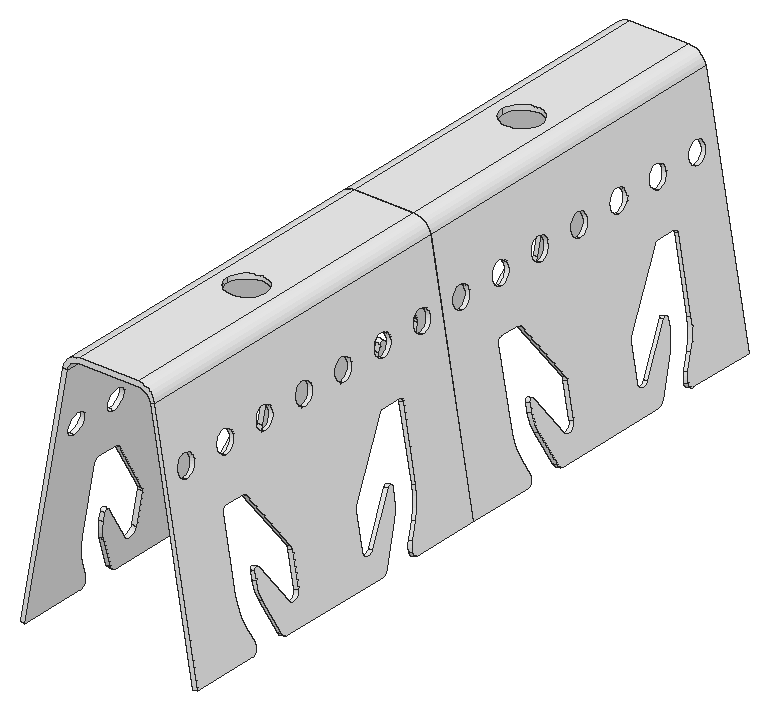
Revit family "HeartFelt-Linear-Carrier1-M70_HunterDouglasEurope", category Specialty Equipment, Revit 2016
Family settings
  Part Type = Normal
  Round Connector Dimension = Use Diameter
  OmniClass Number = 23.35.70.24.11.11.11
  OmniClass Title = Suspended Ceilings, Suspension Assembly
  Work Plane-Based = No
  Always vertical = No
  Cut with Voids When Loaded = No
  Shared = No
  Room Calculation Point = No
Parameters (values of type "HeartFelt AL Carrier1 M70_Transparent Coated")
  URL = "http://www.hunterdouglasarchitectural.eu/en-GB/ceilings/textile/heartfelt/index.jsp"
  Thickness = 0.95 mm
  System Weight (Panel1 40x55) = "4.1 kg/m²"  # constant formula
  System Openness = "43%"  # constant formula
  System Joint Width = "30mm"  # constant formula
  Substrate = "Aluminum"  # constant formula
  Subcategory = "HeartFelt® Ceilings"  # constant formula
  Product Line = "HeartFelt® Linear"  # constant formula
  Product Data = "http://assets2.hunterdouglascontract.com/documents/ceiling/Brochures/United%20Kingdom/Brochure-Heartfelt-en-UK.pdf"
  Model = "HeartFelt Carrier 1 M70"  # constant formula
  Material = Aluminum-7178_HunterDouglasEurope
  Manufacturer = "Hunter Douglas"  # constant formula
  Maintenance Instructions = "http://assets2.hunterdouglascontract.com/documents/ceiling/Brochures/_default/Cleaning-and-Maintenance-HeartFelt.pdf"
  Length [instance] = round(Carrier_actual length / 70.00 mm) * 70.00 mm  # 140.00 mm
  Instructions for Disassembly = "http://assets2.hunterdouglascontract.com/documents/ceiling/Installation%20Manuals/_default/Instructions-for-disassembly-or-component-extraction-of-HeartFelt-Linear-Felt-Ceilings.pdf"
  Instalation Instructions = "http://assets2.hunterdouglascontract.com/documents/ceiling/Installation%20Manuals/_default/Installation-Instructions-HeartFelt-EN.pdf"
  Height = 52.00 mm
  Fire rating = ""
  EN13501-1_Fire rating = "Class A2,s1,d0"  # constant formula
  Description = ""
  Colour Code = "7178"
  Carrier_length (max5000) [instance] = 140.00 mm
  Carrier_actual length [instance] = if([Carrier_length (max5000)] < 5000.00 mm, if([Carrier_length (max5000)] > 140.00 mm, [Carrier_length (max5000)], 140.00 mm), 5000.00 mm)  # 140.00 mm
  Carrier Exact Length = "4965mm"  # constant formula
  Article Code = "332077"  # constant formula
  Amount of Prongs [instance] = rounddown((Carrier_actual length - 35.00 mm) / 70.00 mm) + 1  # 2
  Alloy = "EN AW 5050"  # constant formula
Types (2, lengths in mm): name | Material | Colour Code
  HeartFelt AL Carrier1 M70_Transparent Coated | Aluminum-7178_HunterDouglasEurope | "7178"
  HeartFelt AL Carrier1 M70_Black | Aluminum-1863_HunterDouglasEurope | "1863"
Reference planes
  plane 1 "Center (Front/Back)": y = 0
  plane 2: z = 0
  plane 3 "Center (Left/Right)": x = 0
  plane 4 "Panel end": y = 105
  plane 5 "Panel start": y = -35
  plane 6: y = 0
  plane 7: y = 70
Dimensions and locks
  plane 5 "Panel start" to plane 1 "Center (Front/Back)" = 35.00 mm
  group 1 to group 2 = 0.00 mm  (x2)
  group 1 to group 2 = 70.00 mm
  plane 1 "Center (Front/Back)" to plane 7 = 70.00 mm
  "Carrier_length (max5000)": plane 4 "Panel end" to plane 5 "Panel start"
  aligned and locked: level to plane 2
  aligned and locked: plane 6 to plane 1 "Center (Front/Back)"
  aligned and locked: plane 5 "Panel start" to nested 1
Nested families
  nested 1: "Module-70-Prong_HDE" at (0, 0, 0), type "Prong_M70"
  nested 2: "Module-70-Prong_HDE" at (0, 70, 0), type "Prong_M70"
Definition of nested family "Module-70-Prong_HDE"
  Parameters (values of type "Prong_M70")
    URL = "http://www.hunterdouglasarchitectural.eu/en-GB/ceilings/textile/heartfelt/index.jsp"
    Substrate = "Aluminum"  # constant formula
    Subcategory = "HeartFelt® Ceilings"  # constant formula
    Product Line = "HeartFelt® Linear"  # constant formula
    Model = "HeartFelt Carrier 1 M70"  # constant formula
    Material = none
    Manufacturer = "Hunter Douglas"  # constant formula
    Fire rating = ""
    Description = ""
    Colour Code = "7178"
    Article Code = "332077"  # constant formula
    Alloy = "EN AW 5050"  # constant formula
  Reference planes
    plane 1 "Center (Front/Back)": y = 0
    plane 2: z = 0
    plane 3 "Center (Left/Right)": x = 0
    plane 4 "Panel start": y = -35
    plane 5 "Right": through (18.054, -1524, 37.847) normal (-0.9848, 0, -0.1736)
    plane 6 "Left": through (-9.36, -1524, 87.149) normal (0.9848, 0, -0.1736)
    plane 7 "Panel end": y = 35
  Forms (mm)
    Extrusion 1, solid, material <- "Material"
      sketch origin (23.982, 0, 4.229) x (0.173648, 0, -0.984808) y (0, -1, 0)
        loop
          line (-34.137, 35) -> (-84.2, 35) -> (-84.2, -35) -> (-34.137, -35) -> (-34.137, -20.997)
          arc (-34.137, -20.997) -> (-34.403, -20.317) -> (-35.061, -20) r 1
          arc (-35.061, -20) -> (-36.061, -20.06) -> (-37.015, -20.366) r 4
          line (-37.015, -20.366) -> (-39.951, -21.735)
          arc (-39.951, -21.735) -> (-42.734, -22.68) -> (-45.656, -23) r 13.5
          line (-45.656, -23) -> (-60.137, -23)
          arc (-60.137, -23) -> (-60.844, -22.707) -> (-61.137, -22) r 1
          line (-61.137, -22) -> (-61.137, -17.818)
          arc (-61.137, -17.818) -> (-61.024, -17.356) -> (-60.71, -16.998) r 1
          line (-60.71, -16.998) -> (-48.196, -8.236)
          arc (-48.196, -8.236) -> (-47.84, -8.06) -> (-47.448, -8) r 1.305
          line (-47.448, -8) -> (-40.398, -8)
          arc (-40.398, -8) -> (-38.972, -9.046) -> (-39.54, -10.72) r 1.495
          line (-39.54, -10.72) -> (-47.924, -16.59)
          arc (-47.924, -16.59) -> (-48.114, -17.15) -> (-47.637, -17.5) r 0.5
          line (-47.637, -17.5) -> (-45.878, -17.5)
          arc (-45.878, -17.5) -> (-43.93, -17.287) -> (-42.074, -16.657) r 9
          line (-42.074, -16.657) -> (-35.003, -13.359)
          arc (-35.003, -13.359) -> (-34.372, -12.806) -> (-34.137, -12) r 1.5
          line (-34.137, -12) -> (-34.137, 12)
          arc (-34.137, 12) -> (-34.372, 12.806) -> (-35.003, 13.359) r 1.5
          line (-35.003, 13.359) -> (-42.074, 16.657)
          arc (-42.074, 16.657) -> (-43.93, 17.287) -> (-45.878, 17.5) r 9
          line (-45.878, 17.5) -> (-47.637, 17.5)
          arc (-47.637, 17.5) -> (-48.114, 17.15) -> (-47.924, 16.59) r 0.5
          line (-47.924, 16.59) -> (-39.54, 10.72)
          arc (-39.54, 10.72) -> (-38.972, 9.046) -> (-40.398, 8) r 1.495
          line (-40.398, 8) -> (-47.448, 8)
          arc (-47.448, 8) -> (-47.84, 8.06) -> (-48.196, 8.236) r 1.305
          line (-48.196, 8.236) -> (-60.71, 16.998)
          arc (-60.71, 16.998) -> (-61.024, 17.356) -> (-61.137, 17.818) r 1
          line (-61.137, 17.818) -> (-61.137, 22)
          arc (-61.137, 22) -> (-60.844, 22.707) -> (-60.137, 23) r 1
          line (-60.137, 23) -> (-45.656, 23)
          arc (-45.656, 23) -> (-42.734, 22.68) -> (-39.951, 21.735) r 13.5
          line (-39.951, 21.735) -> (-37.015, 20.366)
          arc (-37.015, 20.366) -> (-36.061, 20.06) -> (-35.061, 20) r 4
          arc (-35.061, 20) -> (-34.403, 20.317) -> (-34.137, 20.997) r 1
          line (-34.137, 20.997) -> (-34.137, 35)
        loop
          circle (-71.25, 20) r 2.25
        loop
          circle (-71.25, 10) r 2.25
        loop
          circle (-71.25, 0) r 2.25
        loop
          circle (-71.25, -10) r 2.25
        loop
          circle (-71.25, -20) r 2.25
        loop
          circle (-71.25, 30) r 2.25
        loop
          circle (-71.25, -30) r 2.25
      from 0.95 to 0
    Extrusion 2, solid, material <- "Material"
      sketch origin (-23.982, 0, 4.229) x (0.173648, 0, 0.984808) y (0, -1, 0)
        loop
          line (84.2, 35) -> (34.137, 35) -> (34.137, 21)
          arc (34.137, 21) -> (34.43, 20.293) -> (35.137, 20) r 1
          arc (35.137, 20) -> (36.102, 20.07) -> (37.023, 20.37) r 4
          line (37.023, 20.37) -> (39.951, 21.735)
          arc (39.951, 21.735) -> (42.734, 22.68) -> (45.656, 23) r 13.5
          line (45.656, 23) -> (60.137, 23)
          arc (60.137, 23) -> (60.844, 22.707) -> (61.137, 22) r 1
          line (61.137, 22) -> (61.137, 17.818)
          arc (61.137, 17.818) -> (61.024, 17.356) -> (60.71, 16.998) r 1
          line (60.71, 16.998) -> (48.195, 8.235)
          arc (48.195, 8.235) -> (47.84, 8.06) -> (47.449, 8) r 1.3
          line (47.449, 8) -> (40.413, 8)
          arc (40.413, 8) -> (38.982, 9.049) -> (39.552, 10.729) r 1.5
          line (39.552, 10.729) -> (47.924, 16.59)
          arc (47.924, 16.59) -> (48.114, 17.15) -> (47.637, 17.5) r 0.5
          line (47.637, 17.5) -> (45.878, 17.5)
          arc (45.878, 17.5) -> (43.93, 17.287) -> (42.074, 16.657) r 9
          line (42.074, 16.657) -> (35.003, 13.359)
          arc (35.003, 13.359) -> (34.372, 12.806) -> (34.137, 12) r 1.5
          line (34.137, 12) -> (34.137, -12)
          arc (34.137, -12) -> (34.372, -12.806) -> (35.003, -13.359) r 1.5
          line (35.003, -13.359) -> (42.074, -16.657)
          arc (42.074, -16.657) -> (43.93, -17.287) -> (45.878, -17.5) r 9
          line (45.878, -17.5) -> (47.637, -17.5)
          arc (47.637, -17.5) -> (48.114, -17.15) -> (47.924, -16.59) r 0.5
          line (47.924, -16.59) -> (39.552, -10.729)
          arc (39.552, -10.729) -> (38.982, -9.049) -> (40.413, -8) r 1.5
          line (40.413, -8) -> (47.449, -8)
          arc (47.449, -8) -> (47.84, -8.06) -> (48.195, -8.235) r 1.3
          line (48.195, -8.235) -> (60.71, -16.998)
          arc (60.71, -16.998) -> (61.024, -17.356) -> (61.137, -17.818) r 1
          line (61.137, -17.818) -> (61.137, -22)
          arc (61.137, -22) -> (60.844, -22.707) -> (60.137, -23) r 1
          line (60.137, -23) -> (45.656, -23)
          arc (45.656, -23) -> (42.734, -22.68) -> (39.951, -21.735) r 13.5
          line (39.951, -21.735) -> (37.023, -20.37)
          arc (37.023, -20.37) -> (36.102, -20.07) -> (35.137, -20) r 4
          arc (35.137, -20) -> (34.43, -20.293) -> (34.137, -21) r 1
          line (34.137, -21) -> (34.137, -35) -> (84.2, -35) -> (84.2, 35)
        loop
          circle (71.25, -20) r 2.25
        loop
          circle (71.25, -10) r 2.25
        loop
          circle (71.25, 0) r 2.25
        loop
          circle (71.25, 10) r 2.25
        loop
          circle (71.25, 20) r 2.25
        loop
          circle (71.25, -30) r 2.25
        loop
          circle (71.25, 30) r 2.25
      from 0 to 0.95
    Extrusion 3, solid, material <- "Material"
      sketch origin (0, 0, 0) x (1, 0, 0) y (0, 0, 1)
        loop
          line (5.963, 90) -> (-5.963, 90)
          arc (-5.963, 90) -> (-8.18, 89.193) -> (-9.36, 87.149) r 3.45
          line (-9.36, 87.149) -> (-8.425, 86.984)
          arc (-8.425, 86.984) -> (-7.57, 88.465) -> (-5.963, 89.05) r 2.5
          line (-5.963, 89.05) -> (5.963, 89.05)
          arc (5.963, 89.05) -> (7.57, 88.465) -> (8.425, 86.984) r 2.5
          line (8.425, 86.984) -> (9.36, 87.149)
          arc (9.36, 87.149) -> (8.18, 89.193) -> (5.963, 90) r 3.45
      from 35 to -35
    Extrusion 4, void
      sketch origin (0, 0, 0) x (1, 0, 0) y (0, 1, 0)
        loop
          circle (0, 0) r 4
      from 90.5 to 88.5
  Cuts and joins
    Extrusion 4 cuts Extrusion 3
  Dimensions and locks
    plane 4 "Panel start" to plane 1 "Center (Front/Back)" = 35.00 mm
    plane 4 "Panel start" to plane 1 "Center (Front/Back)" to plane 7 "Panel end" = 35.00 mm, 35.00 mm
    aligned and locked: level to plane 2
    aligned and locked: Extrusion 1 to plane 4 "Panel start"
    aligned and locked: cut or joined group of Extrusion 3, Extrusion 4 to plane 4 "Panel start"
    aligned and locked: Extrusion 2 to plane 4 "Panel start"
    aligned and locked: plane 7 "Panel end" to Extrusion 1
    aligned and locked: plane 7 "Panel end" to cut or joined group of Extrusion 3, Extrusion 4
    aligned and locked: plane 7 "Panel end" to Extrusion 2
